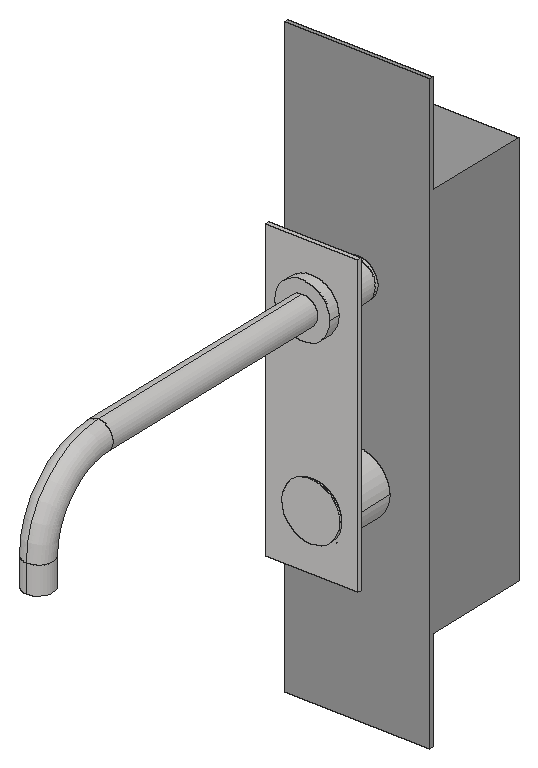
Revit family "CBR_4322 ", category Plumbing Fixtures, Revit 2021
Family settings
  Round Connector Dimension = Use Diameter
  Part Type = Normal
  Work Plane-Based = No
  Always vertical = Yes
  Cut with Voids When Loaded = No
  Shared = No
  Room Calculation Point = No
Parameters
  e-mail = "info@vola.com"
  Waste Connection = no
  Vent Connection = no
  URL = "http://vola.com"
  Telephone = "+45 7023 5500"
  Quality management standard = "ISO 9001"
  Organisation no. / DUNS no. = "17531328"
  Occupational health and safety management standard = "ISO 18001"
  Mounting Instructions = ""
  Model = "4322"
  Mixer Offset [instance] = 35.00 mm
  Mixer = yes
  Materials and components information = ""
  Manufacturer = "VOLA A/S"
  Maintenance Instructions = ""
  HW Connection = no
  Guarantee = "2 years"
  Flow = "5,00 l/min"
  Environmental management standard = "ISO 14000"
  Default Elevation = 0.00 mm
  Connection - All relevant connections = "To valve box 3/8\" and to mixer ½\""
  CW Connection = no
  Approvals = ""
Reference planes
  plane 1 "Center (Front/Back)": y = 0
  plane 2: z = 0
  plane 3 "Center (Left/Right)": x = 0
  plane 4 "Mixer plane": y = 35
  plane 5 "Wall Surface": y = 0
Forms (mm)
  Extrusion 1, solid, material "Stainless Steel", visible <- "Mixer"
    sketch origin (0, 33, 13.2) x (-1, 0, 0) y (0, 0, -1)
      loop
        circle (0, 13.2) r 13.2
    from 0 to 33
Dimensions and locks
  "Mixer Offset": plane 4 "Mixer plane" to plane 1 "Center (Front/Back)"
  aligned and locked: plane 2 to level
  aligned and locked: plane 1 "Center (Front/Back)" to Extrusion 1
  aligned and locked: nested 1 to Extrusion 1
  aligned and locked: plane 4 "Mixer plane" to nested 1
Automatic sketch dimensions
  radius of Extrusion 1 sketch curve to nested 1 = 0.00 mm
Nested families
  nested 1: "4300" at (0, 107.5, -63), visible <- "Mixer", type "4300"
  nested 2: "4002V" at (0, 0, -60) x (1, 0, 0) z (0, -1, 0), type "Standard"
  nested 3: "VR510" at (0, -1.5, -120), type "Standard"
  nested 4: "020" at (-0.539, -2, 0), type "Standard"
Connectors
  piping at (47.5, 80.5, -6), diameter 19
    settings: on nested 1, index 1, connector inside diameter 0.74803", connector length 0.00 mm, flow factor 0, pipe flow 0 GPM, pressure drop 0.00 psi, fitting loss kfactor 0, connector angle 0.00°, fixture units 0, engagement length 0.00 mm, angle of deflection 0.00°, flow configuration 0, flow direction 1, fitting loss method 0, system type 20, joint type 0, gender type 0, connector reference index -1, connector utility 0, adjustable connector no, is connector primary yes, connector description ""
Definition of nested family "4300"
  Parameters
    Default Elevation = 0.00 mm
  Reference planes
    plane 1 "Center (Front/Back)": y = 0
    plane 2: z = 0
    plane 3 "Center (Left/Right)": x = 0
    plane 4: x = 0
    plane 5: y = -27
  Forms (mm)
    Extrusion 1, solid
      sketch origin (69, -2, -2.5) x (0, 0, 1) y (0, 1, 0)
        loop
          line (-127.5, 2) -> (-127.5, -68) -> (132.5, -68) -> (132.5, 2) -> (-127.5, 2)
      from 21.5 to 116.5
    Extrusion 2, solid
      sketch origin (70, -2, -2.5) x (0, 0, 1) y (0, 1, 0)
        loop
          line (-193.5, -68) -> (-193.5, -70.5) -> (198.5, -70.5) -> (198.5, -68) -> (-193.5, -68)
      from 22.5 to 117.5
    Extrusion 3, solid
      sketch origin (69, -2, -96) x (0, 0, 1) y (-1, 0, 0)
        loop
          circle (39, 69) r 19.95
      from 70.5 to 72.5
    Extrusion 4, solid
      sketch origin (69, -2, 24) x (0, 0, 1) y (-1, 0, 0)
        loop
          circle (39, 69) r 13.2
      from 70.5 to 72.5
  Cuts and joins
    joined: Extrusion 1, Extrusion 2
  Lines and regions (mm)
    reference lines
      curve 1: line (0, -27, -57) -> (0, -122.5, -57)
      curve 2: line (0, -27, 63) -> (0, -124.5, 63)
      curve 3: line (0, -27, 63) -> (99, -27, 63)
      curve 4: line (0, -27, -57) -> (99, -27, -57)
      curve 5: line (0, -27, 63) -> (-99, -27, 63)
      curve 6: line (0, -27, -57) -> (-99, -27, -57)
  Dimensions and locks
    aligned and locked: plane 2 to level
    aligned and locked: Extrusion 1 to Extrusion 2
    aligned and locked: Extrusion 2 to Extrusion 1
Definition of nested family "4002V"
  Parameters
    e-mail = "info@vola.com"
    URL = "http://vola.com"
    Telephone = "+45 7023 5500"
    Quality management standard = "ISO 9001"
    Organisation no. / DUNS no. = "17531328"
    Occupational health and safety management standard = "ISO 18001"
    Mounting Instructions = ""
    Model = "002L"
    Materials and components information = ""
    Manufacturer = "VOLA A/S"
    Maintenance Instructions = ""
    Guarantee = "2 years"
    Environmental management standard = "ISO 14000"
    Default Elevation = 1219.20 mm
    Connection - All relevant connections = ""
    Approvals = "http://vola.com/service/producturl.ashx?name=002L"
  Reference planes
    plane 1 "Center (Front/Back)": y = 0
    plane 2: z = 0
    plane 3 "Center (Left/Right)": x = 0
  Forms (mm)
    Extrusion 1, solid
      sketch origin (0, 0, 0) x (0, -1, 0) y (1, 0, 0)
        loop
          line (-97.5, 30) -> (-97.5, -30) -> (97.5, -30) -> (97.5, 30) -> (-97.5, 30)
        loop
          circle (-60, 0) r 16.5
        loop
          circle (60, 0) r 19
      from 0 to 2
    Extrusion 2, solid
      sketch origin (78, -60, 0) x (1, 0, 0) y (0, 1, 0)
        loop
          circle (-78, 0) r 19
        loop
          circle (-78, 0) r 21
      from 0 to -35
  Dimensions and locks
    aligned and locked: plane 2 to level
Definition of nested family "VR510"
  Parameters
    e-mail = "info@vola.com"
    URL = "http://vola.com"
    Telephone = "+45 7023 5500"
    Quality management standard = "ISO 9001"
    Organisation no. / DUNS no. = "17531328"
    Occupational health and safety management standard = "ISO 18001"
    Mounting Instructions = ""
    Model = "RS82E"
    Materials and components information = ""
    Manufacturer = "VOLA A/S"
    Maintenance Instructions = ""
    Guarantee = "2 years"
    Environmental management standard = "ISO 14000"
    Default Elevation = 0.00 mm
    Connection - All relevant connections = ""
    Approvals = "http://vola.com/service/producturl.ashx?name=RS82E"
  Reference planes
    plane 1 "Center (Front/Back)": y = 0
    plane 2: z = 0
    plane 3 "Center (Left/Right)": x = 0
  Forms (mm)
    Extrusion 1, solid
      sketch origin (0, 0, 0) x (-1, 0, 0) y (0, 0, -1)
        loop
          circle (0, 0) r 19
      from 0 to 1.5
  Lines and regions (mm)
    model lines
      curve 1: circle (0, -1.5, 0) r 1.5 normal (0, 1, 0)
      curve 2: circle (0, -1.5, 5) r 1.5 normal (0, 1, 0)
      curve 3: circle (0, -1.5, -5) r 1.5 normal (0, 1, 0)
  Dimensions and locks
    aligned and locked: plane 2 to level
Definition of nested family "020"
  Parameters
    e-mail = "info@vola.com"
    URL = "http://vola.com"
    Telephone = "+45 7023 5500"
    Quality management standard = "ISO 9001"
    Organisation no. / DUNS no. = "17531328"
    Occupational health and safety management standard = "ISO 18001"
    Mounting Instructions = "http://vola.com/service/producturl.ashx?name=020"
    Model = "020"
    Materials and components information = "http://vola.com/service/producturl.ashx?name=020"
    Manufacturer = "VOLA A/S"
    Maintenance Instructions = "http://vola.com/service/producturl.ashx?name=020"
    Guarantee = "2 years"
    Environmental management standard = "ISO 14000"
    Default Elevation = 0.00 mm
    Connection - All relevant connections = ""
    Approvals = "http://vola.com/service/producturl.ashx?name=020"
  Reference planes
    plane 1 "Center (Front/Back)": y = 0
    plane 2: z = 0
    plane 3 "Center (Left/Right)": x = 0
  Forms (mm)
    Extrusion 1, solid
      sketch origin (0, 0, 0) x (1, 0, 0) y (0, 0, 1)
        loop
          circle (0, 0) r 18
      from 0 to 7
    Sweep 2, solid
      path origin (0, 0, 0) x (0, 1, 0) y (0, 0, 1)
        loop
          line (-7, 0) -> (-174, 0)
          arc (-174, 0) -> (-208.648, -14.352) -> (-223, -49) r 49
      profile origin (0, -208.648, -14.352) x (0, 0.707107, -0.707107) y (1, 0, 0)
        loop
          circle (0, 0) r 9.5
    Extrusion 3, solid
      sketch origin (0, -223, -49) x (0, -1, 0) y (-1, 0, 0)
        loop
          circle (0, 0) r 9.5
      from 0 to 18
  Dimensions and locks
    Sweep 2 sketch curve to plane 1 "Center (Front/Back)" = 223.00 mm
    aligned and locked: plane 2 to level
